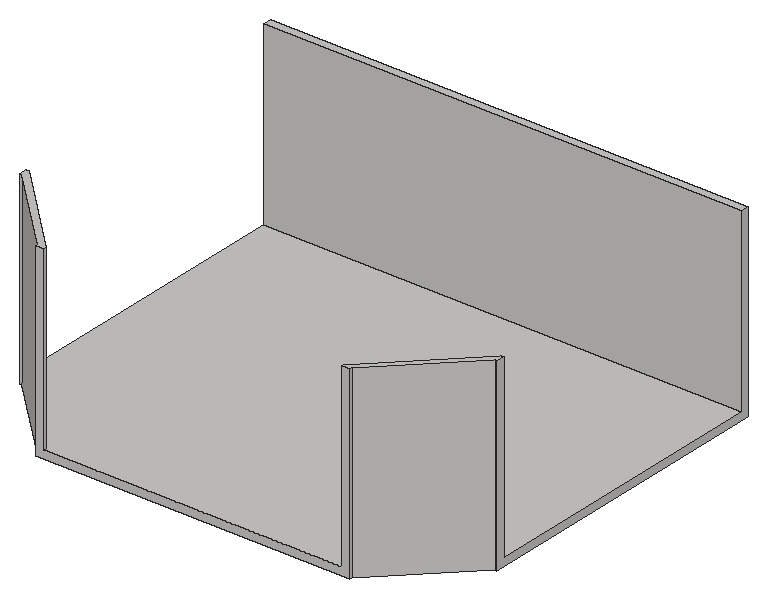
Revit family "Cable_Tray_Fitting-Solid_Tray-OBO_Bettermann-Channel_Horizontal_Tee_100-300-MKS", category Cable Tray Fittings, Revit 2012
Parameters (values of type "Hot Dipped Galvanised")
  URL = "http://www.obo-bettermann.com/"
  Tray Width 3 [instance] = 100 mm
  Tray Width 1 [instance] = 100 mm
  Tray Length [instance] = 0.794 mm
  Tray Height [instance] = 60 mm
  built-in parameter 1140111 [instance] = 2.58 mm
  Radius Label 1 [instance] = Radius Label + [built-in parameter 1140111]  # 27.98 mm
  Radius Label [instance] = Radius  # 25.4 mm
  Radius = 25.4 mm
  Product Page URL = "http://catalog2.obo-bettermann.com/catalogue/catalogue.do?favOid=kts_315277&act=showIO&lang=en&action=start&catId=KTS&forward=showSolutionView"
  Product Documentation Link = ""
  Pre Galvanized = no
  Model = "MKS"
  Manufacturer = "OBO Bettermann"
  Description = "Solid Cable tray"
  Connector Description 3 = "Connector for Cable Tray 3"  # constant formula
  Connector Description 2 = "Connector for Cable Tray 2"  # constant formula
  Connector Description = "Connector for Cable Tray 1"  # constant formula
  Classification = "Refer to online catalog for UL and cUL classifed sizes and wire sizes."
  Cable Tray Material = Metal - OBO Bettermann - Hot-Dipped-Galvanised
  Assembly Code = "D5030600"
Types (2, lengths in mm): name | Cable Tray Material
  Stripped Galvanised | Metal - OBO Bettermann - Strip-Galvanised
  Hot Dipped Galvanised | Metal - OBO Bettermann - Hot-Dipped-Galvanised
Reference planes
  plane 1 "Center (Front/Back)": y = 0
  plane 2: z = 0
  plane 3 "Center (Left/Right)": x = 0
  plane 4: y = 50
  plane 5: y = -50
  plane 6: z = 30
  plane 7: z = -30
  plane 8: y = -75.4
  plane 9: x = -50
  plane 10: x = 50
  plane 11: x = -75.4
  plane 12: x = 75.4
  plane 13: y = -47.42
  plane 14: y = 47.42
  plane 15: y = -76.194
  plane 16: x = -47.42
  plane 17: x = 47.42
  plane 18: x = -76.194
  plane 19: x = 76.194
  plane 20: z = -27.42
Forms (mm)
  Extrusion 1, solid, material "Metal - OBO Bettermann - Hot-Dipped-Galvanised" <- "Cable Tray Material", detail levels fine
    sketch origin (0, 0, 0) x (1, 0, 0) y (0, 1, 0)
      loop
        line (-76.194, -47.42) -> (-76.194, -50) -> (-75.4, -50) -> (-50, -75.4) -> (-50, -76.194) -> (-47.42, -76.194) -> (-47.42, -75.4) -> (-75.4, -47.42) -> (-76.194, -47.42)
      loop
        line (75.4, -50) -> (76.194, -50) -> (76.194, -47.42) -> (75.4, -47.42) -> (47.42, -75.4) -> (47.42, -76.194) -> (50, -76.194) -> (50, -75.4) -> (75.4, -50)
      loop
        line (-76.194, 50) -> (-76.194, 47.42) -> (76.194, 47.42) -> (76.194, 50) -> (-76.194, 50)
    from -30 to 30
  Extrusion 2, solid, material "Metal - OBO Bettermann - Hot-Dipped-Galvanised" <- "Cable Tray Material", detail levels fine
    sketch origin (0, 0, 0) x (1, 0, 0) y (0, 1, 0)
      loop
        line (-76.194, -50) -> (-75.4, -50) -> (-50, -75.4) -> (-50, -76.194) -> (50, -76.194) -> (50, -75.4) -> (75.4, -50) -> (76.194, -50) -> (76.194, 50) -> (-76.194, 50) -> (-76.194, -50)
    from -30 to -27.42
  Extrusion 3, solid, material "Metal - OBO Bettermann - Hot-Dipped-Galvanised" <- "Cable Tray Material", detail levels medium
    sketch origin (0, 0, 0) x (1, 0, 0) y (0, 1, 0)
      loop
        line (-76.194, 50) -> (-76.194, -50) -> (-75.4, -50) -> (-50, -75.4) -> (-50, -76.194) -> (50, -76.194) -> (50, -75.4) -> (75.4, -50) -> (76.194, -50) -> (76.194, 50) -> (-76.194, 50)
    from -30 to 30
Cuts and joins
  joined: Extrusion 1, Extrusion 2
Lines and regions (mm)
  model lines, style "Coarse View", detail levels coarse
    curve 1: line (-76.194, 0, 0) -> (76.194, 0, 0)
    curve 2: line (0, 0, 0) -> (0, -76.194, 0)
Dimensions and locks
  equal spacing: plane 4, plane 1 "Center (Front/Back)", plane 5
  "Tray Width 1": plane 4 to plane 5
  equal spacing: plane 6, plane 2, plane 7
  "Tray Height": plane 6 to plane 7
  "Radius Label": plane 5 to plane 8
  equal spacing: plane 9, plane 3 "Center (Left/Right)", plane 10
  "Tray Width 3": plane 9 to plane 10
  "Radius Label": plane 11 to plane 9
  "Radius Label": plane 10 to plane 12
  "built-in parameter 1140111": plane 13 to plane 5
  "built-in parameter 1140111": plane 4 to plane 14
  "Tray Length": plane 8 to plane 15
  "built-in parameter 1140111": plane 9 to plane 16
  "built-in parameter 1140111": plane 17 to plane 10
  "Tray Length": plane 18 to plane 11
  "Tray Length": plane 12 to plane 19
  "built-in parameter 1140111": plane 20 to plane 7
  plane 18 to plane 9 = 26.194 mm
  aligned and locked: plane 11 to Extrusion 1 sketch curve  (x2)
  aligned and locked: Extrusion 1 sketch curve to plane 13
  aligned and locked: plane 18 to Extrusion 1 sketch curve  (x2)
  aligned and locked: Extrusion 1 sketch curve to plane 5
  aligned and locked: plane 8 to Extrusion 1 sketch curve  (x4)
  aligned and locked: Extrusion 1 sketch curve to plane 9
  aligned and locked: plane 15 to Extrusion 1 sketch curve  (x2)
  aligned and locked: Extrusion 1 sketch curve to plane 16
  aligned and locked: plane 16 to Extrusion 1 sketch curve
  aligned and locked: plane 9 to Extrusion 1 sketch curve
  aligned and locked: Extrusion 1 sketch curve to plane 15  (x2)
  aligned and locked: Extrusion 1 sketch curve to plane 18
  aligned and locked: Extrusion 1 to plane 7
  aligned and locked: plane 6 to Extrusion 1
  aligned and locked: plane 12 to Extrusion 1 sketch curve  (x2)
  aligned and locked: plane 19 to Extrusion 1 sketch curve
  aligned and locked: plane 5 to Extrusion 1 sketch curve
  aligned and locked: plane 13 to Extrusion 1 sketch curve
  aligned and locked: Extrusion 1 sketch curve to plane 19  (x2)
  aligned and locked: Extrusion 1 sketch curve to plane 17
  aligned and locked: Extrusion 1 sketch curve to plane 10
  aligned and locked: plane 10 to Extrusion 1 sketch curve
  aligned and locked: plane 17 to Extrusion 1 sketch curve
  aligned and locked: plane 14 to Extrusion 1 sketch curve
  aligned and locked: Extrusion 1 sketch curve to plane 4
  aligned and locked: plane 18 to Extrusion 2 sketch curve
  aligned and locked: plane 11 to Extrusion 2 sketch curve
  aligned and locked: Extrusion 2 sketch curve to plane 5
  aligned and locked: Extrusion 2 sketch curve to plane 18
  aligned and locked: plane 19 to Extrusion 2 sketch curve  (x2)
  aligned and locked: Extrusion 2 sketch curve to plane 4
  aligned and locked: plane 4 to Extrusion 2 sketch curve
  aligned and locked: plane 5 to Extrusion 2 sketch curve
  aligned and locked: plane 12 to Extrusion 2 sketch curve
  aligned and locked: plane 15 to Extrusion 2 sketch curve
  aligned and locked: plane 8 to Extrusion 2 sketch curve
  aligned and locked: plane 10 to Extrusion 2 sketch curve
  aligned and locked: plane 9 to Extrusion 2 sketch curve
  aligned and locked: Extrusion 2 sketch curve to plane 15
  aligned and locked: Extrusion 2 to plane 7
  aligned and locked: plane 20 to Extrusion 2
  aligned and locked: plane 18 to Extrusion 3 sketch curve
  aligned and locked: plane 11 to Extrusion 3 sketch curve
  aligned and locked: Extrusion 3 sketch curve to plane 5  (x2)
  aligned and locked: plane 4 to Extrusion 3 sketch curve  (x2)
  aligned and locked: Extrusion 3 sketch curve to plane 18
  aligned and locked: plane 5 to Extrusion 3 sketch curve
  aligned and locked: Extrusion 3 sketch curve to plane 19
  aligned and locked: plane 12 to Extrusion 3 sketch curve
  aligned and locked: plane 19 to Extrusion 3 sketch curve
  aligned and locked: plane 15 to Extrusion 3 sketch curve
  aligned and locked: Extrusion 3 sketch curve to plane 10
  aligned and locked: plane 8 to Extrusion 3 sketch curve
  aligned and locked: plane 10 to Extrusion 3 sketch curve
  aligned and locked: plane 9 to Extrusion 3 sketch curve
  aligned and locked: Extrusion 3 sketch curve to plane 15
  aligned and locked: Extrusion 3 to plane 7
  aligned and locked: plane 6 to Extrusion 3
  aligned and locked: plane 19 to curve 1
  aligned and locked: plane 18 to curve 1
  aligned and locked: plane 1 "Center (Front/Back)" to curve 1
  aligned and locked: plane 15 to curve 2
  aligned and locked: plane 1 "Center (Front/Back)" to curve 2
  aligned and locked: curve 2 to plane 3 "Center (Left/Right)"
Automatic sketch dimensions
  Extrusion 2 sketch curve to plane 8 = 0 mm
  Extrusion 3 sketch curve to plane 8 = 0 mm
Connectors
  cabletrayconduit at (-76.194, 0, 0), driven by "Tray Height", driven by "Tray Width 1", driven by "Connector Description"
    settings: on Extrusion 3, index 1, connector width 100 mm, connector height 60 mm, connector radius 304.8 mm, connector angle 0.00°, system type 32, placement type 0, profile type 1, connector reference index 2, is primary connector yes, connector utility param no, connector description "Connector for Cable Tray 1"
  cabletrayconduit at (76.194, 0, 0), driven by "Tray Height", driven by "Tray Width 1", driven by "Connector Description 2"
    settings: on Extrusion 3, index 2, connector width 100 mm, connector height 60 mm, connector radius 304.8 mm, connector angle 0.00°, system type 32, placement type 0, profile type 1, connector reference index 1, is primary connector no, connector utility param no, connector description "Connector for Cable Tray 2"
  cabletrayconduit at (0, -76.194, 0), driven by "Tray Height", driven by "Tray Width 3", driven by "Connector Description 3"
    settings: on Extrusion 3, index 3, connector width 100 mm, connector height 60 mm, connector radius 304.8 mm, connector angle 0.00°, system type 32, placement type 0, profile type 1, connector reference index -1, is primary connector no, connector utility param no, connector description "Connector for Cable Tray 3"
